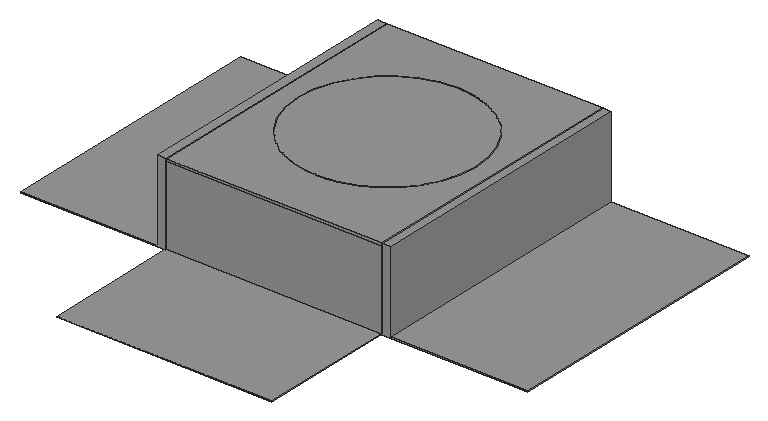
Revit family "OKA-G Anbaueinheit für GESR9_55, Höhe 40-140mm", category Generic Models, Revit 2015
Parameters (values of type "OKA-G A 40140R9")
  Width = 400 mm
  URL = "http://www.obo-bettermann.com"
  Material = Steel, Galvanized
  Manufacturer Art. No. = "7424326"
  Manufacturer = "OBO Bettermann"
  Length = 473 mm
  HeightCalc [instance] = if(Height < 40 mm, 40 mm, (if(Height > 140 mm, 140 mm, Height)))  # 140 mm
  Height [instance] = 500 mm
  GTIN = "4012195244004"
  Article Type = "OKA-G A 40140R9"
Reference planes
  plane 1 "Center (Front/Back)": y = 0
  plane 2: z = 0
  plane 3 "Center (Left/Right)": x = 0
  plane 4: z = 140
  plane 5: y = -473
  plane 6: x = 200
  plane 7: x = -200
Forms (mm)
  Extrusion 1, solid, material "Aluminum 6061"
    sketch origin (0, 0, 0) x (1, 0, 0) y (0, 0, 1)
      loop
        line (185, 140) -> (185, 0) -> (435, 0) -> (435, 1) -> (200, 1) -> (200, 140) -> (185, 140)
      loop
        line (-200, 1) -> (-435, 1) -> (-435, 0) -> (-185, 0) -> (-185, 140) -> (-200, 140) -> (-200, 1)
    from 0 to 473
  Extrusion 2, solid, material "Steel, Galvanized" <- "Material"
    sketch origin (0, 0, 0) x (1, 0, 0) y (0, 0, 1)
      loop
        line (185, 136) -> (185, 140) -> (-185, 140) -> (-185, 136) -> (185, 136)
    from 0 to 473
  Extrusion 3, solid, material "Aluminum 6061"
    sketch origin (0, 0, 0) x (0, 1, 0) y (0, 0, 1)
      loop
        line (-473, 136) -> (-473, 1) -> (-708, 1) -> (-708, 0) -> (-458, 0) -> (-458, 136) -> (-473, 136)
    from -185 to 185
  Extrusion 4, void
    sketch origin (0, 0, 0) x (1, 0, 0) y (0, 1, 0)
      loop
        circle (0, -230) r 152.5
    from 0 to 250
  Extrusion 5, solid, material "Steel, Galvanized"
    sketch origin (0.391, -1.957, 0) x (1, 0, 0) y (0, 1, 0)
      loop
        circle (-0.391, -228.043) r 152.5
    from 136 to 140
Cuts and joins
  Extrusion 4 cuts Extrusion 2
Lines and regions (mm)
  model lines
    curve 1: line (-200, 0, 140) -> (-185, 0, 140)
    curve 2: line (-185, 0, 140) -> (-185, 0, 0)
    curve 3: line (-185, 0, 0) -> (-435, 0, 0)
    curve 4: line (-435, 0, 0) -> (-435, 0, 1)
    curve 5: line (-435, 0, 1) -> (-200, 0, 1)
    curve 6: line (-200, 0, 1) -> (-200, 0, 140)
    curve 7: line (185, 0, 140) -> (185, 0, 0)
    curve 8: line (185, 0, 0) -> (435, 0, 0)
    curve 9: line (435, 0, 0) -> (435, 0, 1)
    curve 10: line (435, 0, 1) -> (200, 0, 1)
    curve 11: line (200, 0, 1) -> (200, 0, 140)
    curve 12: line (200, 0, 140) -> (185, 0, 140)
    curve 13: line (185, 0, 140) -> (185, 0, 0)
    curve 14: line (-185, 0, 0) -> (-185, 0, 140)
    curve 15: line (-185, 0, 140) -> (185, 0, 140)
    curve 16: line (-185, 0, 136) -> (185, 0, 136)
Dimensions and locks
  locked: curve 5 to curve 3 at 1
  locked: curve 2 to curve 6 at 15
  locked: curve 10 to curve 8 at 1
  locked: curve 2 to curve 4 at 250
  locked: curve 9 to curve 7 at 250
  locked: curve 11 to curve 7 at 15
  "Length": plane 1 "Center (Front/Back)" to plane 5
  equal spacing: plane 7, plane 3 "Center (Left/Right)", plane 6
  "Width": plane 7 to plane 6
  "HeightCalc": level to plane 4
  locked: curve 16 to curve 15 at 4
  Extrusion 3 sketch curve to Extrusion 1 = 15 mm
  locked: Extrusion 3 sketch curve to Extrusion 3 sketch curve at 250
  locked: Extrusion 3 sketch curve to Extrusion 3 sketch curve at 1
  locked: cut or joined group of Extrusion 2, Extrusion 4 to Extrusion 4 sketch curve at 77.5
  diameter of Extrusion 4 sketch curve = 305 mm
  aligned and locked: level to plane 2
  aligned and locked: level to curve 3
  aligned and locked: curve 6 to plane 7
  aligned and locked: curve 11 to plane 6
  aligned and locked: plane 4 to curve 1
  aligned and locked: curve 8 to level
  aligned and locked: Extrusion 1 sketch curve to curve 13
  aligned and locked: Extrusion 1 sketch curve to curve 12
  aligned and locked: Extrusion 1 sketch curve to curve 11
  aligned and locked: Extrusion 1 sketch curve to curve 10
  aligned and locked: Extrusion 1 sketch curve to curve 9
  aligned and locked: Extrusion 1 sketch curve to curve 8
  aligned and locked: Extrusion 1 sketch curve to curve 6
  aligned and locked: Extrusion 1 sketch curve to curve 14
  aligned and locked: Extrusion 1 sketch curve to curve 1
  aligned and locked: Extrusion 1 sketch curve to curve 5
  aligned and locked: Extrusion 1 sketch curve to curve 3
  aligned and locked: Extrusion 1 sketch curve to curve 4
  aligned and locked: Extrusion 1 to plane 5
  aligned and locked: Extrusion 2 sketch curve to curve 16
  aligned and locked: Extrusion 2 sketch curve to curve 15
  aligned and locked: Extrusion 2 sketch curve to curve 2
  aligned and locked: Extrusion 2 sketch curve to curve 7
  aligned and locked: Extrusion 2 to plane 5
  aligned and locked: level to Extrusion 3 sketch curve
  aligned and locked: Extrusion 3 sketch curve to plane 5
  aligned and locked: Extrusion 3 to curve 1
  aligned and locked: Extrusion 3 to Extrusion 1
  aligned and locked: Extrusion 3 to Extrusion 2
  aligned and locked: Extrusion 5 sketch curve to cut or joined group of Extrusion 2, Extrusion 4
  aligned and locked: Extrusion 5 to curve 16
  aligned and locked: Extrusion 5 to curve 1
Automatic sketch dimensions
  Extrusion 3 sketch curve to plane 4 = 4 mm
  Extrusion 4 sketch curve to plane 3 "Center (Left/Right)" = 0 mm
